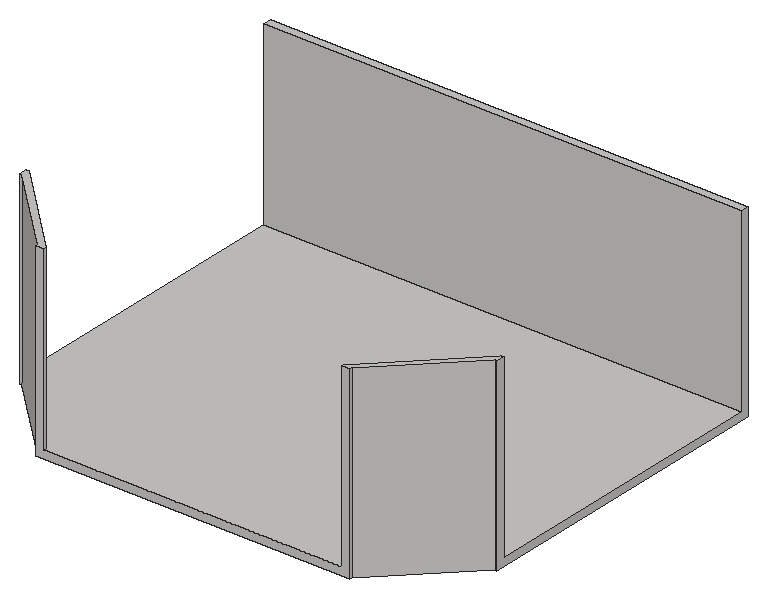
Revit family "Cable_Tray_Fitting-Ventilated_Tray-OBO_Bettermann-Channel_Horizontal_Tee_100-300-MKS", category Cable Tray Fittings, Revit 2012
Parameters (values of type "Hot Dipped Galvanised")
  URL = "http://www.obo-bettermann.com/"
  Tray Width 3 [instance] = 100 mm
  Tray Width 1 [instance] = 100 mm
  Tray Length [instance] = 0.794 mm
  Tray Height [instance] = 60 mm
  built-in parameter 1140111 [instance] = 2.58 mm
  Radius Label 1 [instance] = Radius Label + [built-in parameter 1140111]  # 27.98 mm
  Radius Label [instance] = Radius  # 25.4 mm
  Radius = 25.4 mm
  Product Page URL = "http://catalog2.obo-bettermann.com/catalogue/catalogue.do?favOid=kts_315277&act=showIO&lang=en&action=start&catId=KTS&forward=showSolutionView"
  Product Documentation Link = ""
  Pre Galvanized = no
  Model = "MKS"
  Manufacturer = "OBO Bettermann"
  Description = "Ventilated Cable Tray"
  Connector Description 3 = "Connector for Cable Tray 3"  # constant formula
  Connector Description 2 = "Connector for Cable Tray 2"  # constant formula
  Connector Description = "Connector for Cable Tray 1"  # constant formula
  Classification = "Refer to nline catalog for UL and cUL classifed sizes and wire sizes."
  Cable Tray Material = Metal - OBO Bettermann - Hot-Dipped-Galvanised
  Assembly Code = "D5030600"
Types (2, lengths in mm): name | Cable Tray Material
  Stripped Galvanised | Metal - OBO Bettermann - Strip-Galvanised
  Hot Dipped Galvanised | Metal - OBO Bettermann - Hot-Dipped-Galvanised
Reference planes
  plane 1 "Center (Front/Back)": y = 0
  plane 2: z = 0
  plane 3 "Center (Left/Right)": x = 0
  plane 4: y = 50
  plane 5: y = -50
  plane 6: z = 30
  plane 7: z = -30
  plane 8: y = -75.4
  plane 9: x = -50
  plane 10: x = 50
  plane 11: x = -75.4
  plane 12: x = 75.4
  plane 13: y = -47.42
  plane 14: y = 47.42
  plane 15: y = -76.194
  plane 16: x = -47.42
  plane 17: x = 47.42
  plane 18: x = -76.194
  plane 19: x = 76.194
  plane 20: z = -27.42
Forms (mm)
  Extrusion 1, solid, material "Metal - OBO Bettermann - Hot-Dipped-Galvanised" <- "Cable Tray Material", detail levels fine
    sketch origin (0, 0, 0) x (1, 0, 0) y (0, 1, 0)
      loop
        line (-76.194, -47.42) -> (-76.194, -50) -> (-75.4, -50) -> (-50, -75.4) -> (-50, -76.194) -> (-47.42, -76.194) -> (-47.42, -75.4) -> (-75.4, -47.42) -> (-76.194, -47.42)
      loop
        line (75.4, -50) -> (76.194, -50) -> (76.194, -47.42) -> (75.4, -47.42) -> (47.42, -75.4) -> (47.42, -76.194) -> (50, -76.194) -> (50, -75.4) -> (75.4, -50)
      loop
        line (-76.194, 50) -> (-76.194, 47.42) -> (76.194, 47.42) -> (76.194, 50) -> (-76.194, 50)
    from -30 to 30
  Extrusion 2, solid, material "Metal - OBO Bettermann - Hot-Dipped-Galvanised" <- "Cable Tray Material", detail levels fine
    sketch origin (0, 0, 0) x (1, 0, 0) y (0, 1, 0)
      loop
        line (-76.194, -50) -> (-75.4, -50) -> (-50, -75.4) -> (-50, -76.194) -> (50, -76.194) -> (50, -75.4) -> (75.4, -50) -> (76.194, -50) -> (76.194, 50) -> (-76.194, 50) -> (-76.194, -50)
    from -30 to -27.42
  Extrusion 3, solid, material "Metal - OBO Bettermann - Hot-Dipped-Galvanised" <- "Cable Tray Material", detail levels medium
    sketch origin (0, 0, 0) x (1, 0, 0) y (0, 1, 0)
      loop
        line (-76.194, 50) -> (-76.194, -50) -> (-75.4, -50) -> (-50, -75.4) -> (-50, -76.194) -> (50, -76.194) -> (50, -75.4) -> (75.4, -50) -> (76.194, -50) -> (76.194, 50) -> (-76.194, 50)
    from -30 to 30
Cuts and joins
  joined: Extrusion 1, Extrusion 2
Lines and regions (mm)
  model lines, style "Coarse View", detail levels coarse
    curve 1: line (-76.194, 0, 0) -> (76.194, 0, 0)
    curve 2: line (0, 0, 0) -> (0, -76.194, 0)
Dimensions and locks
  equal spacing: plane 4, plane 1 "Center (Front/Back)", plane 5
  "Tray Width 1": plane 4 to plane 5
  equal spacing: plane 6, plane 2, plane 7
  "Tray Height": plane 6 to plane 7
  "Radius Label": plane 5 to plane 8
  equal spacing: plane 9, plane 3 "Center (Left/Right)", plane 10
  "Tray Width 3": plane 9 to plane 10
  "Radius Label": plane 11 to plane 9
  "Radius Label": plane 10 to plane 12
  "built-in parameter 1140111": plane 13 to plane 5
  "built-in parameter 1140111": plane 4 to plane 14
  "Tray Length": plane 8 to plane 15
  "built-in parameter 1140111": plane 9 to plane 16
  "built-in parameter 1140111": plane 17 to plane 10
  "Tray Length": plane 18 to plane 11
  "Tray Length": plane 12 to plane 19
  "built-in parameter 1140111": plane 20 to plane 7
  plane 18 to plane 9 = 26.194 mm
  aligned and locked: plane 11 to Extrusion 1 sketch curve  (x2)
  aligned and locked: Extrusion 1 sketch curve to plane 13
  aligned and locked: plane 18 to Extrusion 1 sketch curve  (x2)
  aligned and locked: Extrusion 1 sketch curve to plane 5
  aligned and locked: plane 8 to Extrusion 1 sketch curve  (x4)
  aligned and locked: Extrusion 1 sketch curve to plane 9
  aligned and locked: plane 15 to Extrusion 1 sketch curve  (x2)
  aligned and locked: Extrusion 1 sketch curve to plane 16
  aligned and locked: plane 16 to Extrusion 1 sketch curve
  aligned and locked: plane 9 to Extrusion 1 sketch curve
  aligned and locked: Extrusion 1 sketch curve to plane 15  (x2)
  aligned and locked: Extrusion 1 sketch curve to plane 18
  aligned and locked: Extrusion 1 to plane 7
  aligned and locked: plane 6 to Extrusion 1
  aligned and locked: plane 12 to Extrusion 1 sketch curve  (x2)
  aligned and locked: plane 19 to Extrusion 1 sketch curve
  aligned and locked: plane 5 to Extrusion 1 sketch curve
  aligned and locked: plane 13 to Extrusion 1 sketch curve
  aligned and locked: Extrusion 1 sketch curve to plane 19  (x2)
  aligned and locked: Extrusion 1 sketch curve to plane 17
  aligned and locked: Extrusion 1 sketch curve to plane 10
  aligned and locked: plane 10 to Extrusion 1 sketch curve
  aligned and locked: plane 17 to Extrusion 1 sketch curve
  aligned and locked: plane 14 to Extrusion 1 sketch curve
  aligned and locked: Extrusion 1 sketch curve to plane 4
  aligned and locked: plane 18 to Extrusion 2 sketch curve
  aligned and locked: plane 11 to Extrusion 2 sketch curve
  aligned and locked: Extrusion 2 sketch curve to plane 5
  aligned and locked: Extrusion 2 sketch curve to plane 18
  aligned and locked: plane 19 to Extrusion 2 sketch curve  (x2)
  aligned and locked: Extrusion 2 sketch curve to plane 4
  aligned and locked: plane 4 to Extrusion 2 sketch curve
  aligned and locked: plane 5 to Extrusion 2 sketch curve
  aligned and locked: plane 12 to Extrusion 2 sketch curve
  aligned and locked: plane 15 to Extrusion 2 sketch curve
  aligned and locked: plane 8 to Extrusion 2 sketch curve
  aligned and locked: plane 10 to Extrusion 2 sketch curve
  aligned and locked: plane 9 to Extrusion 2 sketch curve
  aligned and locked: Extrusion 2 sketch curve to plane 15
  aligned and locked: Extrusion 2 to plane 7
  aligned and locked: plane 20 to Extrusion 2
  aligned and locked: plane 18 to Extrusion 3 sketch curve
  aligned and locked: plane 11 to Extrusion 3 sketch curve
  aligned and locked: Extrusion 3 sketch curve to plane 5  (x2)
  aligned and locked: plane 4 to Extrusion 3 sketch curve  (x2)
  aligned and locked: Extrusion 3 sketch curve to plane 18
  aligned and locked: plane 5 to Extrusion 3 sketch curve
  aligned and locked: Extrusion 3 sketch curve to plane 19
  aligned and locked: plane 12 to Extrusion 3 sketch curve
  aligned and locked: plane 19 to Extrusion 3 sketch curve
  aligned and locked: plane 15 to Extrusion 3 sketch curve
  aligned and locked: Extrusion 3 sketch curve to plane 10
  aligned and locked: plane 8 to Extrusion 3 sketch curve
  aligned and locked: plane 10 to Extrusion 3 sketch curve
  aligned and locked: plane 9 to Extrusion 3 sketch curve
  aligned and locked: Extrusion 3 sketch curve to plane 15
  aligned and locked: Extrusion 3 to plane 7
  aligned and locked: plane 6 to Extrusion 3
  aligned and locked: plane 19 to curve 1
  aligned and locked: plane 18 to curve 1
  aligned and locked: plane 1 "Center (Front/Back)" to curve 1
  aligned and locked: plane 15 to curve 2
  aligned and locked: plane 1 "Center (Front/Back)" to curve 2
  aligned and locked: curve 2 to plane 3 "Center (Left/Right)"
Automatic sketch dimensions
  Extrusion 2 sketch curve to plane 8 = 0 mm
  Extrusion 3 sketch curve to plane 8 = 0 mm
Connectors
  cabletrayconduit at (-76.194, 0, 0), driven by "Tray Height", driven by "Tray Width 1", driven by "Connector Description"
    settings: on Extrusion 3, index 1, connector width 100 mm, connector height 60 mm, connector radius 304.8 mm, connector angle 0.00°, system type 32, placement type 0, profile type 1, connector reference index 2, is primary connector yes, connector utility param no, connector description "Connector for Cable Tray 1"
  cabletrayconduit at (76.194, 0, 0), driven by "Tray Height", driven by "Tray Width 1", driven by "Connector Description 2"
    settings: on Extrusion 3, index 2, connector width 100 mm, connector height 60 mm, connector radius 304.8 mm, connector angle 0.00°, system type 32, placement type 0, profile type 1, connector reference index 1, is primary connector no, connector utility param no, connector description "Connector for Cable Tray 2"
  cabletrayconduit at (0, -76.194, 0), driven by "Tray Height", driven by "Tray Width 3", driven by "Connector Description 3"
    settings: on Extrusion 3, index 3, connector width 100 mm, connector height 60 mm, connector radius 304.8 mm, connector angle 0.00°, system type 32, placement type 0, profile type 1, connector reference index -1, is primary connector no, connector utility param no, connector description "Connector for Cable Tray 3"
